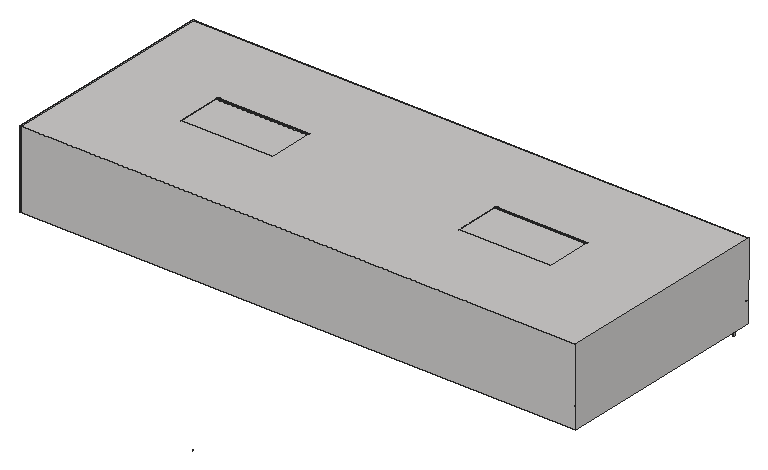
Revit family "QF_ELECTROLUXPROFESSIONAL_640276_VAP1236", category Specialty Equipment, Revit 2014
Reference planes
  plane 1: z = 0
  plane 2 "Center (Left/Right)": x = 150
  plane 3 "LEFT": x = -1650
  plane 4 "RIGHT": x = 1950
  plane 5 "BACK": y = 550
  plane 6 "TOP": z = 2500
  plane 7 "Base": z = 2000
  plane 8: z = 1970
  plane 9 "DrainY": y = 450
  plane 10: x = -1647
  plane 11 "DrainX": x = 1937
  plane 12 "AOLeft2": x = -450
  plane 13 "AORight1": x = 750
  plane 14: x = 1947
  plane 15: x = -1450
  plane 16: x = 1750
  plane 17: x = 50
  plane 18: x = 250
  plane 19 "AOLeft1": x = -1050
  plane 20 "AORight2": x = 1350
  plane 21: through (0, 550, 2133.855) normal (0, 0.5299, 0.848)
  plane 22: y = 0
  plane 23: y = -300
  plane 24: y = -150
  plane 25: y = -850
  plane 26: through (0, -850, 2133.855) normal (0, 0.5299, -0.848)
Forms (mm)
  Extrusion 1, solid, material "QF_Finishes_Stainless Steel"
    sketch origin (-1650, 0, 360) x (0, 1, 0) y (0, 0, 1)
      loop
        line (550, 1640) -> (550, 2140) -> (-850, 2140) -> (-850, 1640) -> (550, 1640)
    from 0 to 3
  Extrusion 2, solid, material "QF_Finishes_Stainless Steel"
    sketch origin (1950, 0, 360) x (0, 1, 0) y (0, 0, 1)
      loop
        line (550, 1640) -> (550, 2140) -> (-850, 2140) -> (-850, 1640) -> (550, 1640)
    from 0 to -3
  Extrusion 3, solid, material "QF_Finishes_Stainless Steel"
    sketch origin (150, 0, 360) x (0, 1, 0) y (0, 0, 1)
      loop
        line (-850, 2140) -> (-850, 1640) -> (-840, 1640) -> (-840, 1640.8) -> (-849.2, 1640.8) -> (-849.2, 2139.19) -> (549.2, 2139.19) -> (549.2, 1640.8) -> (540, 1640.8) -> (540, 1640) -> (550, 1640) -> (550, 2140) -> (-850, 2140)
    from -1800 to 1800
  Extrusion 4, solid, material "QF_Finishes_Stainless Steel"
    sketch origin (0, 0, 2000) x (0, 1, 0) y (-1, 0, 0)
      loop
        circle (450, -1937) r 4.763
    from -30 to 0
  Extrusion 5, void
    sketch origin (0, 400, 2500) x (0, 1, 0) y (-1, 0, 0)
      loop
        line (-400, 450) -> (-400, 1050) -> (-700, 1050) -> (-700, 450) -> (-400, 450)
    from 0 to -10
  Extrusion 6, solid, material "QF_Finishes_Stainless Steel"
    sketch origin (0, 0, 0) x (1, 0, 0) y (0, 1, 0)
      loop
        line (-1650, 550) -> (-1650, 549) -> (-1649, 549) -> (-1649, 550) -> (-1650, 550)
    from 0 to 1
  Extrusion 7, solid, material "QF_Finishes_Stainless Steel"
    sketch origin (150, 0, 360) x (0, 1, 0) y (0, 0, 1)
      loop
        line (503.5, 1837.574) -> (207.375, 2022.621) -> (192.198, 1998.364) -> (488.366, 1813.348) -> (503.5, 1837.574)
      loop
        line (-803.5, 1837.574) -> (-788.366, 1813.348) -> (-492.198, 1998.364) -> (-507.375, 2022.621) -> (-803.5, 1837.574)
    from -1600 to -1797
  Extrusion 8, solid, material "QF_Finishes_Stainless Steel"
    sketch origin (150, 0, 360) x (0, 1, 0) y (0, 0, 1)
      loop
        line (549.2, 1775.312) -> (472.742, 1823.075) -> (472.313, 1822.387) -> (549.2, 1774.355) -> (549.2, 1775.312)
      loop
        line (202.48, 1991.938) -> (126.212, 2039.602) -> (-426.212, 2039.602) -> (-502.48, 1991.938) -> (-502.063, 1991.27) -> (-426, 2038.801) -> (126, 2038.801) -> (202.063, 1991.27) -> (202.48, 1991.938)
      loop
        line (-849.2, 1775.312) -> (-849.2, 1774.355) -> (-772.313, 1822.387) -> (-772.742, 1823.075) -> (-849.2, 1775.312)
    from -1797 to 1797
  Extrusion 9, solid, material "QF_Finishes_Stainless Steel"
    sketch origin (150, 0, 360) x (0, 1, 0) y (0, 0, 1)
      loop
        line (-507.375, 2022.621) -> (-803.5, 1837.574) -> (-788.366, 1813.348) -> (-492.198, 1998.364) -> (-507.375, 2022.621)
      loop
        line (503.5, 1837.574) -> (207.375, 2022.621) -> (192.198, 1998.364) -> (488.366, 1813.348) -> (503.5, 1837.574)
    from 1797 to 1600
  Extrusion 10, solid, material "QF_Finishes_Stainless Steel"
    sketch origin (150, 0, 360) x (0, 1, 0) y (0, 0, 1)
      loop
        line (-507.375, 2022.621) -> (-803.5, 1837.574) -> (-788.366, 1813.348) -> (-492.198, 1998.364) -> (-507.375, 2022.621)
      loop
        line (503.5, 1837.574) -> (207.375, 2022.621) -> (192.198, 1998.364) -> (488.366, 1813.348) -> (503.5, 1837.574)
    from -100 to 100
  Extrusion 11, solid, material "QF_Finished_Chrome"
    sketch origin (150, 0, 360) x (0, 1, 0) y (0, 0, 1)
      loop
        line (503.5, 1837.574) -> (207.375, 2022.621) -> (192.198, 1998.364) -> (488.366, 1813.348) -> (503.5, 1837.574)
      loop
        line (-507.375, 2022.621) -> (-803.5, 1837.574) -> (-788.366, 1813.348) -> (-492.198, 1998.364) -> (-507.375, 2022.621)
    from -1600 to -100
  Extrusion 12, solid, material "QF_Finished_Chrome"
    sketch origin (150, 0, 360) x (0, 1, 0) y (0, 0, 1)
      loop
        line (-507.375, 2022.621) -> (-803.5, 1837.574) -> (-788.366, 1813.348) -> (-492.198, 1998.364) -> (-507.375, 2022.621)
      loop
        line (503.5, 1837.574) -> (207.375, 2022.621) -> (192.198, 1998.364) -> (488.366, 1813.348) -> (503.5, 1837.574)
    from 100 to 1600
  Sweep 13, solid, material "QF_Finishes_Stainless Steel"
    path origin (0, 0, 0) x (1, 0, 0) y (0, 1, 0)
      loop
        line (1950, 550) -> (-1650, 550) -> (-1650, -850) -> (1950, -850) -> (1950, 550)
    profile origin (1950, -150, 0) x (1, 0, 0) y (0, 0, 1)
      loop
        line (-3, 2000) -> (-3, 2000.8) -> (-19, 2000.8) -> (-19, 2010) -> (-20, 2010) -> (-20, 2000) -> (-3, 2000)
  Extrusion 14, void
    sketch origin (0, 400, 2500) x (0, 1, 0) y (-1, 0, 0)
      loop
        line (-400, -1350) -> (-400, -750) -> (-700, -750) -> (-700, -1350) -> (-400, -1350)
    from 0 to -10
Cuts and joins
  Extrusion 5, Extrusion 14 cuts Extrusion 3
  joined: Extrusion 2, Extrusion 3, Sweep 13
Lines and regions (mm)
  symbolic lines, style "SpecialityEquipment", detail levels coarse
    curve 1: line (1950, 550, 2500) -> (-1650, 550, 2500)
    curve 2: line (-1650, 550, 2500) -> (-1650, -850, 2500)
    curve 3: line (1950, -850, 2500) -> (1950, 550, 2500)
    curve 4: line (-1650, 550, 0) -> (1950, -850, 0)
    curve 5: line (1950, 550, 0) -> (-1650, -850, 0)
  symbolic lines, detail levels coarse
    curve 6: line (-1650, -850, 0) -> (1950, -850, 0)
    curve 7: line (-450, 0, 0) -> (-1050, 0, 0)
    curve 8: line (-450, -300, 0) -> (-450, 0, 0)
    curve 9: line (-1050, -300, 0) -> (-450, -300, 0)
    curve 10: line (-1050, 0, 0) -> (-1050, -300, 0)
    curve 11: line (1350, 0, 0) -> (750, 0, 0)
    curve 12: line (1350, -300, 0) -> (1350, 0, 0)
    curve 13: line (750, -300, 0) -> (1350, -300, 0)
    curve 14: line (750, 0, 0) -> (750, -300, 0)
Dimensions and locks
  plane 3 "LEFT" to plane 4 "RIGHT" = 3600 mm
  equal spacing: plane 3 "LEFT", plane 2 "Center (Left/Right)", plane 4 "RIGHT"
  plane 7 "Base" to plane 8 = 30 mm
  plane 5 "BACK" to plane 9 "DrainY" = 100 mm  (x2)
  plane 3 "LEFT" to plane 10 = 3 mm
  plane 11 "DrainX" to plane 4 "RIGHT" = 13 mm
  plane 14 to plane 4 "RIGHT" = 3 mm
  plane 3 "LEFT" to plane 15 = 200 mm
  plane 16 to plane 4 "RIGHT" = 200 mm
  locked: plane 12 "AOLeft2" to plane 13 "AORight1" at 1200
  equal spacing: plane 12 "AOLeft2", plane 2 "Center (Left/Right)", plane 13 "AORight1"
  locked: plane 7 "Base" to level at 2000
  locked: plane 6 "TOP" to plane 7 "Base" at 500
  locked: plane 17 to plane 18 at 200
  equal spacing: plane 17, plane 2 "Center (Left/Right)", plane 18
  plane 19 "AOLeft1" to plane 12 "AOLeft2" = 600 mm
  plane 13 "AORight1" to plane 20 "AORight2" = 600 mm
  plane 5 "BACK" to plane 25 = 1400 mm  (x2)
  equal spacing: plane 5 "BACK", plane 24, plane 25
  locked: plane 22 to plane 23 at 300
  equal spacing: plane 22, plane 24, plane 23
  aligned and locked: level to plane 1
  aligned and locked: plane 4 "RIGHT" to Extrusion 3
  aligned and locked: Extrusion 3 to plane 3 "LEFT"
  aligned and locked: Extrusion 7 to plane 10
  aligned and locked: Extrusion 7 to plane 15
  aligned and locked: Extrusion 2 to plane 14
  aligned and locked: plane 14 to Extrusion 9
  aligned and locked: plane 16 to Extrusion 9
  aligned and locked: plane 18 to Extrusion 10
  aligned and locked: Extrusion 10 to plane 17
  aligned and locked: plane 17 to Extrusion 11
  aligned and locked: Extrusion 11 to plane 15
  aligned and locked: Extrusion 12 to plane 18
  aligned and locked: Extrusion 12 to plane 16
  aligned and locked: Extrusion 8 to plane 10
  aligned and locked: plane 14 to Extrusion 8
  aligned and locked: Extrusion 5 to plane 19 "AOLeft1"
  aligned and locked: Extrusion 5 to plane 12 "AOLeft2"
  aligned and locked: plane 13 "AORight1" to Extrusion 14
  aligned and locked: plane 20 "AORight2" to Extrusion 14
  aligned and locked: plane 22 to curve 7
  aligned and locked: curve 9 to plane 23
  aligned and locked: plane 22 to curve 11
  aligned and locked: curve 13 to plane 23
  aligned and locked: plane 22 to Extrusion 5 sketch curve
  aligned and locked: Extrusion 5 sketch curve to plane 23
  aligned and locked: plane 22 to Extrusion 14 sketch curve
Automatic sketch dimensions
  Extrusion 1 sketch curve to plane 7 "Base" = 0 mm
  Extrusion 1 sketch curve to plane 5 "BACK" = 0 mm
  Extrusion 1 sketch curve to plane 6 "TOP" = 0 mm
  Extrusion 2 sketch curve to plane 7 "Base" = 0 mm
  Extrusion 2 sketch curve to plane 5 "BACK" = 0 mm
  Extrusion 2 sketch curve to plane 6 "TOP" = 0 mm
  Extrusion 3 sketch curve to plane 6 "TOP" = 0 mm
  Extrusion 3 sketch curve to plane 7 "Base" = 0 mm  (x2)
  Extrusion 3 sketch curve to plane 5 "BACK" = 0 mm
  Extrusion 3 sketch curve to Extrusion 3 sketch curve = 9.2 mm
  plane 7 "Base" to Extrusion 3 sketch curve = 0.8 mm  (x2)
  Extrusion 3 sketch curve to plane 5 "BACK" = 10 mm
  Extrusion 3 sketch curve to plane 5 "BACK" = 0.8 mm
  Extrusion 3 sketch curve to plane 6 "TOP" = 0.81 mm
  Extrusion 4 sketch curve to plane 9 "DrainY" = 0 mm
  Extrusion 4 sketch curve to plane 11 "DrainX" = 0 mm
  Extrusion 5 sketch curve to plane 12 "AOLeft2" = 0 mm
  Extrusion 5 sketch curve to plane 19 "AOLeft1" = 0 mm
  Extrusion 6 sketch curve to plane 3 "LEFT" = 0 mm
  Extrusion 6 sketch curve to plane 5 "BACK" = 0 mm
  plane 3 "LEFT" to Extrusion 6 sketch curve = 1 mm
  Extrusion 6 sketch curve to Extrusion 6 sketch curve = 1 mm
  Sweep 13 sketch curve to plane 3 "LEFT" = 0 mm
  Sweep 13 sketch curve to plane 4 "RIGHT" = 0 mm
  Sweep 13 sketch curve to plane 5 "BACK" = 0 mm
  profile plane to Sweep 13 sketch curve = 20 mm
  Sweep 13 sketch curve to Sweep 13 sketch curve = 1 mm
  profile plane to Sweep 13 sketch curve = 3 mm
  level to Sweep 13 sketch curve = 2000 mm
  Sweep 13 sketch curve to Sweep 13 sketch curve = 0.8 mm
  Sweep 13 sketch curve to Sweep 13 sketch curve = 9.2 mm
  Extrusion 14 sketch curve to plane 12 "AOLeft2" = 1800 mm
  plane 19 "AOLeft1" to Extrusion 14 sketch curve = 1800 mm
  Extrusion 11 sketch curve to plane 5 "BACK" = 46.5 mm
  plane 7 "Base" to Extrusion 11 sketch curve = 197.574 mm
  Extrusion 11 sketch curve to Extrusion 11 sketch curve = 15.134 mm  (x2)
  Extrusion 11 sketch curve to plane 6 "TOP" = 117.379 mm
  Extrusion 11 sketch curve to Extrusion 11 sketch curve = 24.226 mm  (x2)
  Extrusion 11 sketch curve to Extrusion 11 sketch curve = 15.177 mm  (x2)
  Extrusion 11 sketch curve to Extrusion 11 sketch curve = 24.257 mm  (x2)
  Extrusion 11 sketch curve to plane 6 "TOP" = 141.636 mm
  Extrusion 10 sketch curve to plane 6 "TOP" = 117.379 mm  (x2)
  Extrusion 10 sketch curve to Extrusion 10 sketch curve = 24.257 mm  (x2)
  Extrusion 10 sketch curve to Extrusion 10 sketch curve = 24.226 mm  (x2)
  Extrusion 10 sketch curve to Extrusion 10 sketch curve = 15.177 mm  (x2)
  plane 9 "DrainY" to Extrusion 10 sketch curve = 38.366 mm
  Extrusion 10 sketch curve to Extrusion 10 sketch curve = 15.134 mm  (x2)
  plane 7 "Base" to Extrusion 10 sketch curve = 173.348 mm  (x2)
  Extrusion 12 sketch curve to plane 6 "TOP" = 117.379 mm
  Extrusion 12 sketch curve to Extrusion 12 sketch curve = 15.177 mm  (x2)
  Extrusion 12 sketch curve to Extrusion 12 sketch curve = 24.257 mm  (x2)
  Extrusion 12 sketch curve to plane 6 "TOP" = 141.636 mm
  plane 7 "Base" to Extrusion 12 sketch curve = 197.574 mm  (x2)
  Extrusion 12 sketch curve to plane 9 "DrainY" = 257.802 mm
  plane 9 "DrainY" to Extrusion 12 sketch curve = 38.366 mm
  Extrusion 12 sketch curve to Extrusion 12 sketch curve = 15.134 mm  (x2)
  Extrusion 9 sketch curve to plane 6 "TOP" = 117.379 mm  (x2)
  Extrusion 9 sketch curve to Extrusion 9 sketch curve = 24.257 mm  (x2)
  Extrusion 9 sketch curve to Extrusion 9 sketch curve = 24.226 mm  (x2)
  Extrusion 9 sketch curve to plane 5 "BACK" = 46.5 mm
  plane 7 "Base" to Extrusion 9 sketch curve = 197.574 mm
  Extrusion 9 sketch curve to Extrusion 9 sketch curve = 15.134 mm  (x2)
  Extrusion 9 sketch curve to Extrusion 9 sketch curve = 15.177 mm  (x2)
  Extrusion 14 sketch curve to Extrusion 14 sketch curve = 300 mm
  Extrusion 1 sketch curve to plane 23 = 550 mm
  Extrusion 2 sketch curve to plane 23 = 550 mm
  Extrusion 3 sketch curve to plane 23 = 540 mm
  Extrusion 3 sketch curve to Extrusion 3 sketch curve = 0.8 mm
  Extrusion 9 sketch curve to plane 23 = 192.198 mm
  plane 7 "Base" to Extrusion 9 sketch curve = 173.348 mm
  Extrusion 10 sketch curve to plane 23 = 192.198 mm
  Extrusion 11 sketch curve to plane 23 = 192.198 mm
  plane 7 "Base" to Extrusion 11 sketch curve = 173.348 mm
  Extrusion 12 sketch curve to plane 23 = 192.198 mm
  plane 7 "Base" to Extrusion 12 sketch curve = 173.348 mm
  Sweep 13 sketch curve to plane 23 = 550 mm
  curve 5 to plane 3 "LEFT" = 0 mm
  curve 4 to plane 3 "LEFT" = 0 mm
  curve 10 to plane 19 "AOLeft1" = 0 mm
  curve 8 to plane 12 "AOLeft2" = 0 mm
  curve 14 to plane 13 "AORight1" = 0 mm
  curve 12 to plane 20 "AORight2" = 0 mm
  curve 5 to plane 4 "RIGHT" = 0 mm
  curve 6 to plane 4 "RIGHT" = 0 mm
  curve 4 to plane 5 "BACK" = 0 mm
  curve 5 to plane 5 "BACK" = 0 mm
  curve 6 to plane 25 = 0 mm
  plane 25 to Extrusion 8 sketch curve = 0.8 mm
  plane 25 to Extrusion 8 sketch curve = 77.258 mm
  Extrusion 8 sketch curve to Extrusion 8 sketch curve = 0.43 mm  (x2)
  Extrusion 8 sketch curve to plane 6 "TOP" = 100.398 mm
  Extrusion 8 sketch curve to plane 23 = 126.212 mm
  Extrusion 8 sketch curve to Extrusion 8 sketch curve = 0.418 mm  (x2)
  plane 22 to Extrusion 8 sketch curve = 126 mm
  Extrusion 8 sketch curve to Extrusion 8 sketch curve = 0.212 mm  (x2)
  Extrusion 8 sketch curve to Extrusion 8 sketch curve = 76.063 mm
  Extrusion 8 sketch curve to plane 6 "TOP" = 148.062 mm
  plane 9 "DrainY" to Extrusion 8 sketch curve = 22.313 mm
  Extrusion 8 sketch curve to plane 5 "BACK" = 0.8 mm
  plane 7 "Base" to Extrusion 8 sketch curve = 183.075 mm  (x2)
  Extrusion 8 sketch curve to Extrusion 8 sketch curve = 0.688 mm  (x2)
  Extrusion 8 sketch curve to Extrusion 8 sketch curve = 0.669 mm
  Extrusion 8 sketch curve to Extrusion 8 sketch curve = 0.801 mm
  Extrusion 8 sketch curve to Extrusion 8 sketch curve = 47.531 mm
  plane 25 to Extrusion 7 sketch curve = 46.5 mm
  Extrusion 7 sketch curve to Extrusion 7 sketch curve = 15.134 mm  (x2)
  Extrusion 7 sketch curve to plane 23 = 207.375 mm
  Extrusion 7 sketch curve to Extrusion 7 sketch curve = 15.177 mm  (x2)
  plane 22 to Extrusion 7 sketch curve = 192.198 mm
  plane 9 "DrainY" to Extrusion 7 sketch curve = 38.366 mm
  plane 7 "Base" to Extrusion 7 sketch curve = 173.348 mm  (x2)
  Extrusion 7 sketch curve to Extrusion 7 sketch curve = 24.226 mm  (x2)
  Extrusion 7 sketch curve to Extrusion 7 sketch curve = 24.257 mm  (x2)
  curve 2 to plane 3 "LEFT" = 0 mm
  curve 2 to plane 25 = 0 mm
  curve 3 to plane 4 "RIGHT" = 0 mm
  curve 3 to plane 25 = 0 mm
  curve 2 to plane 5 "BACK" = 0 mm
  radius of Extrusion 4 sketch curve = 4.763 mm
Connectors
  piping at (1937, 450, 1970), diameter 9.5
    settings: on Extrusion 4, index 1, connector inside diameter 609.6 mm, connector length 0 mm, flow factor 0, pipe flow 0.0 L/s, pressure drop 0.0 Pa, fitting loss kfactor 0, connector angle 0.00°, fixture units 0, engagement length 0 mm, angle of deflection 0.00°, flow configuration 1, flow direction 2, fitting loss method 0, system type 16, joint type 0, gender type 0, connector reference index -1, connector utility 0, adjustable connector no, is connector primary yes, connector description "Drain"
  hvac at (-750, -150, 2500)
    settings: on Extrusion 5, index 2, duct flow 0.0 L/s, flow factor 0, pres drop 0.0 Pa, loss coef 0, conn angle 0.00°, conn width 300 mm, conn height 600 mm, conn diameter 609.6 mm, duct sys type 3, conn prof type 1, flow config 1, flow direction 2, loss method 0, conn ref index -1, conn util no, is conn primary yes, conn desc "EXHAUST OUTLET"
  hvac at (1050, -150, 2500)
    settings: on Extrusion 14, index 3, duct flow 0.0 L/s, flow factor 0, pres drop 0.0 Pa, loss coef 0, conn angle 0.00°, conn width 300 mm, conn height 600 mm, conn diameter 609.6 mm, duct sys type 3, conn prof type 1, flow config 1, flow direction 2, loss method 0, conn ref index -1, conn util no, is conn primary no, conn desc "EXHAUST OUTLET"
